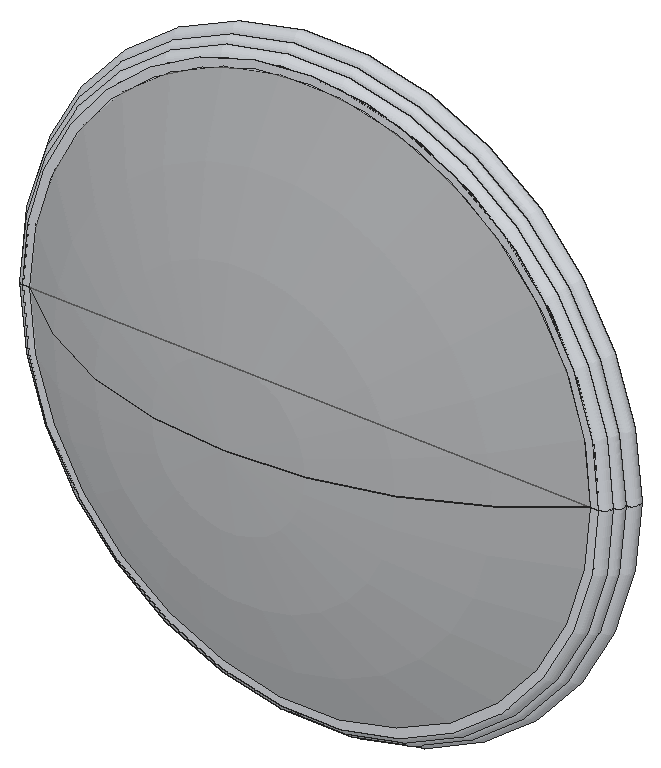
Revit family "2300-17", category Lighting Fixtures, Revit 2016
Family settings
  Part Type = Normal
  Round Connector Dimension = Use Diameter
  OmniClass Number = 23.80.70.00
  OmniClass Title = Lighting
  Work Plane-Based = No
  Always vertical = Yes
  Cut with Voids When Loaded = No
  Light Source = Yes
  Shared = No
  Room Calculation Point = No
Parameters
  Wattage = 12.1178 W
  built-in parameter 1150110 = 1 (stored number, unit not read)
  built-in parameter 1114217 = 1 (stored number, unit not read)
  built-in parameter 1150109 = 1 (stored number, unit not read)
  built-in parameter 1150134 = (empty or 0)
  built-in parameter 1150113 = 1 (stored number, unit not read)
  Lumens = 1800 lm
  built-in parameter 1150115 = 1 (stored number, unit not read)
  built-in parameter 1150105 = 143.24 (stored number, unit not read)
  Light Source Symbol Size = 2' - 0"
  built-in parameter 1150137 = (empty or 0)
  built-in parameter 1150139 = (empty or 0)
  built-in parameter 1150112 = 1 (stored number, unit not read)
  built-in parameter 1150114 = 1 (stored number, unit not read)
  built-in parameter 1150132 = 2
  built-in parameter 1150102 = (empty or 0)
  built-in parameter 1150138 = (empty or 0)
  built-in parameter 1150107 = 3000 (stored number, unit not read)
  built-in parameter 1150106 = 1.4324 (stored number, unit not read)
  built-in parameter 1150104 = 13.8 (stored number, unit not read)
  Dimming Lamp Color Temperature Shift = (empty or 0)
  Color Filter = 16777215
  built-in parameter 1114218 = 1 (stored number, unit not read)
  built-in parameter 1150133 = 10 (stored number, unit not read)
Reference planes (in)
  plane 1 "Light Source Axis (F/B)": y = 0
  plane 2: z = 0
  plane 3 "Light Source Axis (L/R)": x = 0
  plane 4 "Light Source Elevation": z = 54
Forms (in)
  Revolve 1, solid
    sketch origin (0, 0, 0) x (1, 0, 0) y (0, 1, 0)
      loop
        line (0, 0) -> (-8.375, 0)
        arc (-8.375, 0) -> (-8.59041, -0.21541) -> (-8.375, -0.43082) r 0.21541
        arc (-8.375, -0.43082) -> (-8.39614, -0.60607) -> (-8.2483, -0.70252) r 0.16712
        arc (-8.2483, -0.70252) -> (-8.20509, -0.87087) -> (-8.06295, -0.9709) r 0.25125
        line (-8.06295, -0.9709) -> (0, -0.9709) -> (0, 0)
      axis (0, 0) -> (0, -0.9709)
    angle from 0 to 360
  Revolve 2, solid, material "Acrylic-Brownlee"
    sketch origin (0, 0, 0) x (1, 0, 0) y (0, 1, 0)
      loop
        arc (-7.84071, -0.97501) -> (-4.2116, -3.24241) -> (0, -4) r 11.31545
        line (0, -4) -> (0, -0.97501) -> (-7.84071, -0.97501)
      axis (0, -0.97501) -> (0, -4)
    angle from 0 to 360
Dimensions and locks (in)
  aligned and locked: plane 3 "Light Source Axis (L/R)" to imposter light
  aligned and locked: plane 1 "Light Source Axis (F/B)" to imposter light
  aligned and locked: plane 4 "Light Source Elevation" to imposter light
  aligned and locked: level to plane 2
